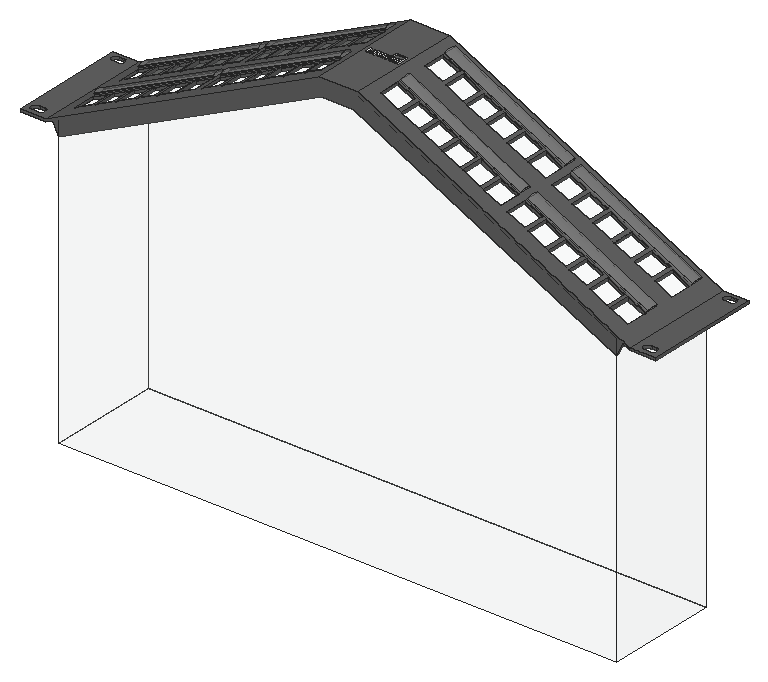
Revit family "Data_Device-Network-Leviton-Patch_Panel-Angled", category Data Devices, host Face, Revit 2024
Family settings
  Host = Face
  Round Connector Dimension = Use Diameter
  Part Type = Normal
  OmniClass Number = 23.85.50.17
  OmniClass Title = Communication and Data Processing Equipment
  Cut with Voids When Loaded = No
  Maintain Annotation Orientation = Yes
  Shared = Yes
  Room Calculation Point = No
Parameters (values of type "2RU, 48-Port, with Lens")
  z Void Offset = 0.00000"
  z Offset 2 = 0.50000"  # constant formula
  z Offset 1 = z Depth  # 0.05980"
  z 2RU with Screen = and(z Is Visible 2RU, not(Has ID Windows))  # no
  z 1RU with Screen = and(z Has 24 Ports, not(Has ID Windows))  # no
  z 1 Y Offset 5 = if(and(z Leviton Type = 222, Has ID Windows), 1.50000", 0.45000")  # 1.50000"
  z 2RU with Lens = z Leviton Type = 222  # yes
  z 1RU with Lens = z Leviton Type = 112  # no
  z Leviton Type = 222
  z Is Visible 2RU = or(z Leviton Type = 220, z Leviton Type = 221, z Leviton Type = 222)  # yes
  z Height = if(or(z Leviton Type = 220, z Leviton Type = 221, z Leviton Type = 222), 3.47500", 1.72500")  # 3.47500"
  z Has 48 Ports 1RU = z Leviton Type = 120  # no
  z Has 48 Ports = and(or(z Leviton Type = 220, z Leviton Type = 221, z Leviton Type = 222))  # yes
  z Has 24 Ports = and(or(z Leviton Type = 110, z Leviton Type = 111, z Leviton Type = 112))  # no
  z Depth = 0.05980"  # constant formula
  z 1 Y Offset 4 = if(or(z Leviton Type = 110, z Leviton Type = 111, z Leviton Type = 112), 0.16000", 18.00000")  # 18.00000"
  z 1 Y Offset 3 = if(or(z Leviton Type = 110, z Leviton Type = 111, z Leviton Type = 112), 18.00000", if(z Leviton Type = 120, 1.01910", if(or(z Leviton Type = 220, z Leviton Type = 221, z Leviton Type = 222), 2.30700", 0.00000")))  # 2.30700"
  z 1 Y Offset 2 = if(or(z Leviton Type = 110, z Leviton Type = 111, z Leviton Type = 112), 18.00000", if(z Leviton Type = 120, 1.01910", if(or(z Leviton Type = 220, z Leviton Type = 221, z Leviton Type = 222), 2.30700", 0.00000")))  # 2.30700"
  z 1 Y Offset 1 = if(or(z Leviton Type = 110, z Leviton Type = 111, z Leviton Type = 112), 0.60000", if(z Leviton Type = 120, 0.20590", if(or(z Leviton Type = 220, z Leviton Type = 221, z Leviton Type = 222), 0.63900", 0.00000")))  # 0.63900"
  Width [instance] = 19.00000"  # constant formula
  Weight [instance] = 0.00 lbf
  URL = "http://www.leviton.com/networksolutions"
  UPC Code [instance] = ""
  Type Comments = " "
  Technical Support Phone Number = "1-800-824-3005"  # constant formula
  Shielded = or(z Leviton Type = 111, z Leviton Type = 221)  # no
  Serial Number [instance] = ""
  Rack Spaces RU = 2
  Product Documentation Link = "Leviton_49256-Hxx_49256-Dxx_49256-Lxx_Angled_QuickPort_Patch_Panels.pdf"
  Port Count [instance] = 0
  Part Number [instance] = if(z Leviton Type = 110, "49256-H24", if(z Leviton Type = 112, "49256-L24", if(z Leviton Type = 220, "49256-H48", if(z Leviton Type = 222, "49256-L48", if(z Leviton Type = 120, "49256-D48", if(z Leviton Type = 111, "4S256-S24", if(z Leviton Type = 221, "4S256-S48", "ERROR")))))))  # "49256-L48"
  Part Description = Description  # "Angled QuickPort Patch Panel, 48-port, 2RU, with Mangnifying Lens"
  Original Creation Date = "July 25, 2014"  # constant formula
  Model Disclaimer = "http://www.leviton.com/BIMterms"
  Model = " "
  Manufacturer = "Leviton"  # constant formula
  Height [instance] = 4.53000"  # constant formula
  Has ID Windows = yes
  Family Version = "1.0.2"  # constant formula
  Equipment Type = ""
  Equipment Abbreviation = "QPPA"  # constant formula
  Die Cast = 0 = 1  # no
  Description = "Angled QuickPort Patch Panel, 48-port, 2RU, with Mangnifying Lens"
  Default Elevation = 24.00000"
  Date Last Modified = "September 06, 2023"  # constant formula
  Copyright = "Copyright © 2014-2015 Leviton Manufacturing Co., Inc."  # constant formula
  Channel Count [instance] = 0
  Cable Clearance is Visible [instance] = yes
  Cable Clearance [instance] = 8.50000"
  Assembly Code = "D5030600"
  Annotation Symbol is Visible = yes
  Annotation Symbol [instance] = Symbol : Data
Reference planes (in)
  plane 1 "Center (Front/Back)": y = -0.5525
  plane 2 "Mounting Surface": z = 0
  plane 3 "Center (Left/Right)": x = -0.9065
  plane 4 "Left": x = -10.4065
  plane 5 "Right": x = 8.5935
  plane 6 "Top": y = 1.185
  plane 7 "Recess": z = -0.0902
  plane 8 "Void Collector": z = -2
  plane 9 "Bottom": y = -2.29
  plane 10: y = -2.177
  plane 11: y = 0.822
  plane 12: y = 0.546
  plane 13: y = -0.124
  plane 14: y = -1.792
  plane 15: y = -1.122
  plane 16: x = -9.6565
  plane 17: x = 7.8435
  plane 18: x = -9.7183
  plane 19: x = 7.9053
  plane 20: x = -10.0615
  plane 21: x = 8.2485
  plane 22: z = -8.5
  plane 23: z = -0.5
  plane 24: z = 0.2
  plane 25: y = -2.04592
  plane 26: y = 1.072
  plane 27: y = -1.91484
  plane 28: y = 0.947
  plane 29 "Connector Host": z = 0.0598
  plane 30 "Front": z = 4.05292
  plane 31 "Upper Interior": y = 1.1103
  plane 32: through (-1.48999, -180, 4.05292) normal (0.4384, 0, -0.8988)
  plane 33: through (7.8335, -180, 0.0747) normal (-0.4384, 0, -0.8988)
  plane 34: through (-1.48999, -180, 4.05292) normal (0.4384, 0, -0.8988)
  plane 35 "Left Bank": through (-1.48999, -180, 4.05292) normal (0.4384, 0, -0.8988)
  plane 36 "Right Bank": through (7.8335, -180, 0.0747) normal (-0.4384, 0, -0.8988)
  plane 37: y = -1.122
  plane 38: y = -1.792
  plane 39: y = -1.062
  plane 40: y = -0.184
  plane 41: y = -16.815
  plane 42: y = -17.195
  plane 43: y = -2.23
  plane 44: y = 0.546
  plane 45: y = -0.124
Forms (in)
  Extrusion 1, solid, not visible, detail levels fine
    sketch origin (0, 0, 0) x (1, 0, 0) y (0, 1, 0)
      loop
        line (-10.4065, 1.5725) -> (-10.4065, -2.77319) -> (8.5935, -2.77319) -> (8.5935, 1.5725) -> (-10.4065, 1.5725)
    from 0 to -2
  Extrusion 2, void, detail levels medium+fine
    sketch origin (-18.83166, -182.13202, 0) x (0, -1, 0) y (-1, 0, 0)
      loop
        arc (-180.21718, -8.84416) -> (-180.0861, -8.97524) -> (-179.95502, -8.84416) r 0.13108
        line (-179.95502, -8.84416) -> (-179.95502, -8.69416)
        arc (-179.95502, -8.69416) -> (-180.0861, -8.56308) -> (-180.21718, -8.69416) r 0.13108
        line (-180.21718, -8.69416) -> (-180.21718, -8.84416)
      loop
        line (-180.21718, -27.00616) -> (-180.21718, -27.15616)
        arc (-180.21718, -27.15616) -> (-180.0861, -27.28724) -> (-179.95502, -27.15616) r 0.13108
        line (-179.95502, -27.15616) -> (-179.95502, -27.00616)
        arc (-179.95502, -27.00616) -> (-180.0861, -26.87508) -> (-180.21718, -27.00616) r 0.13108
      loop
        line (-180.34002, -10.18194) -> (-180.34002, -9.65794) -> (-181.01002, -9.65794) -> (-181.01002, -10.18194) -> (-180.34002, -10.18194)
      loop
        line (-180.34002, -10.79761) -> (-180.34002, -10.27361) -> (-181.01002, -10.27361) -> (-181.01002, -10.79761) -> (-180.34002, -10.79761)
      loop
        line (-180.34002, -11.41328) -> (-180.34002, -10.88929) -> (-181.01002, -10.88929) -> (-181.01002, -11.41328) -> (-180.34002, -11.41328)
      loop
        line (-180.34002, -12.02896) -> (-180.34002, -11.50496) -> (-181.01002, -11.50496) -> (-181.01002, -12.02896) -> (-180.34002, -12.02896)
      loop
        line (-180.34002, -12.64463) -> (-180.34002, -12.12063) -> (-181.01002, -12.12063) -> (-181.01002, -12.64463) -> (-180.34002, -12.64463)
      loop
        line (-180.34002, -13.26031) -> (-180.34002, -12.73631) -> (-181.01002, -12.73631) -> (-181.01002, -13.26031) -> (-180.34002, -13.26031)
      loop
        line (-180.34002, -13.97485) -> (-180.34002, -13.45085) -> (-181.01002, -13.45085) -> (-181.01002, -13.97485) -> (-180.34002, -13.97485)
      loop
        line (-180.34002, -14.59052) -> (-180.34002, -14.06652) -> (-181.01002, -14.06652) -> (-181.01002, -14.59052) -> (-180.34002, -14.59052)
      loop
        line (-180.34002, -15.20619) -> (-180.34002, -14.6822) -> (-181.01002, -14.6822) -> (-181.01002, -15.20619) -> (-180.34002, -15.20619)
      loop
        line (-180.34002, -15.82187) -> (-180.34002, -15.29787) -> (-181.01002, -15.29787) -> (-181.01002, -15.82187) -> (-180.34002, -15.82187)
      loop
        line (-180.34002, -16.43754) -> (-180.34002, -15.91355) -> (-181.01002, -15.91355) -> (-181.01002, -16.43754) -> (-180.34002, -16.43754)
      loop
        line (-180.34002, -17.05322) -> (-180.34002, -16.52922) -> (-181.01002, -16.52922) -> (-181.01002, -17.05322) -> (-180.34002, -17.05322)
      loop
        line (-180.34002, -19.3211) -> (-180.34002, -18.7971) -> (-181.01002, -18.7971) -> (-181.01002, -19.3211) -> (-180.34002, -19.3211)
      loop
        line (-180.34002, -19.93677) -> (-180.34002, -19.41278) -> (-181.01002, -19.41278) -> (-181.01002, -19.93677) -> (-180.34002, -19.93677)
      loop
        line (-180.34002, -20.55245) -> (-180.34002, -20.02845) -> (-181.01002, -20.02845) -> (-181.01002, -20.55245) -> (-180.34002, -20.55245)
      loop
        line (-180.34002, -21.16812) -> (-180.34002, -20.64412) -> (-181.01002, -20.64412) -> (-181.01002, -21.16812) -> (-180.34002, -21.16812)
      loop
        line (-180.34002, -21.7838) -> (-180.34002, -21.2598) -> (-181.01002, -21.2598) -> (-181.01002, -21.7838) -> (-180.34002, -21.7838)
      loop
        line (-180.34002, -22.39947) -> (-180.34002, -21.87547) -> (-181.01002, -21.87547) -> (-181.01002, -22.39947) -> (-180.34002, -22.39947)
      loop
        line (-180.34002, -23.11401) -> (-180.34002, -22.59001) -> (-181.01002, -22.59001) -> (-181.01002, -23.11401) -> (-180.34002, -23.11401)
      loop
        line (-180.34002, -23.72968) -> (-180.34002, -23.20569) -> (-181.01002, -23.20569) -> (-181.01002, -23.72968) -> (-180.34002, -23.72968)
      loop
        line (-180.34002, -24.34536) -> (-180.34002, -23.82136) -> (-181.01002, -23.82136) -> (-181.01002, -24.34536) -> (-180.34002, -24.34536)
      loop
        line (-180.34002, -24.96103) -> (-180.34002, -24.43704) -> (-181.01002, -24.43704) -> (-181.01002, -24.96103) -> (-180.34002, -24.96103)
      loop
        line (-180.34002, -25.57671) -> (-180.34002, -25.05271) -> (-181.01002, -25.05271) -> (-181.01002, -25.57671) -> (-180.34002, -25.57671)
      loop
        line (-180.34002, -26.19238) -> (-180.34002, -25.66838) -> (-181.01002, -25.66838) -> (-181.01002, -26.19238) -> (-180.34002, -26.19238)
    from 0.0902 to -5.3247
  Extrusion 3, void, detail levels medium+fine
    sketch origin (-18.83166, -181.20301, 0) x (0, -1, 0) y (-1, 0, 0)
      loop
        arc (-182.27501, -8.84416) -> (-182.15001, -8.96916) -> (-182.02501, -8.84416) r 0.125
        line (-182.02501, -8.84416) -> (-182.02501, -8.69416)
        arc (-182.02501, -8.69416) -> (-182.15001, -8.56916) -> (-182.27501, -8.69416) r 0.125
        line (-182.27501, -8.69416) -> (-182.27501, -8.84416)
      loop
        line (-182.27501, -27.00616) -> (-182.27501, -27.15616)
        arc (-182.27501, -27.15616) -> (-182.15001, -27.28116) -> (-182.02501, -27.15616) r 0.125
        line (-182.02501, -27.15616) -> (-182.02501, -27.00616)
        arc (-182.02501, -27.00616) -> (-182.15001, -26.88116) -> (-182.27501, -27.00616) r 0.125
      loop
        line (-181.74901, -10.18194) -> (-181.07901, -10.18194) -> (-181.07901, -9.65794) -> (-181.74901, -9.65794) -> (-181.74901, -10.18194)
      loop
        line (-181.74901, -10.79761) -> (-181.07901, -10.79761) -> (-181.07901, -10.27361) -> (-181.74901, -10.27361) -> (-181.74901, -10.79761)
      loop
        line (-181.74901, -11.41328) -> (-181.07901, -11.41328) -> (-181.07901, -10.88929) -> (-181.74901, -10.88929) -> (-181.74901, -11.41328)
      loop
        line (-181.74901, -12.02896) -> (-181.07901, -12.02896) -> (-181.07901, -11.50496) -> (-181.74901, -11.50496) -> (-181.74901, -12.02896)
      loop
        line (-181.74901, -12.64463) -> (-181.07901, -12.64463) -> (-181.07901, -12.12063) -> (-181.74901, -12.12063) -> (-181.74901, -12.64463)
      loop
        line (-181.74901, -13.26031) -> (-181.07901, -13.26031) -> (-181.07901, -12.73631) -> (-181.74901, -12.73631) -> (-181.74901, -13.26031)
      loop
        line (-181.74901, -13.97485) -> (-181.07901, -13.97485) -> (-181.07901, -13.45085) -> (-181.74901, -13.45085) -> (-181.74901, -13.97485)
      loop
        line (-181.74901, -14.59052) -> (-181.07901, -14.59052) -> (-181.07901, -14.06652) -> (-181.74901, -14.06652) -> (-181.74901, -14.59052)
      loop
        line (-181.74901, -15.20619) -> (-181.07901, -15.20619) -> (-181.07901, -14.6822) -> (-181.74901, -14.6822) -> (-181.74901, -15.20619)
      loop
        line (-181.74901, -15.82187) -> (-181.07901, -15.82187) -> (-181.07901, -15.29787) -> (-181.74901, -15.29787) -> (-181.74901, -15.82187)
      loop
        line (-181.74901, -16.43754) -> (-181.07901, -16.43754) -> (-181.07901, -15.91355) -> (-181.74901, -15.91355) -> (-181.74901, -16.43754)
      loop
        line (-181.74901, -17.05322) -> (-181.07901, -17.05322) -> (-181.07901, -16.52922) -> (-181.74901, -16.52922) -> (-181.74901, -17.05322)
      loop
        line (-181.74901, -19.3211) -> (-181.07901, -19.3211) -> (-181.07901, -18.7971) -> (-181.74901, -18.7971) -> (-181.74901, -19.3211)
      loop
        line (-181.74901, -19.93677) -> (-181.07901, -19.93677) -> (-181.07901, -19.41278) -> (-181.74901, -19.41278) -> (-181.74901, -19.93677)
      loop
        line (-181.74901, -20.55245) -> (-181.07901, -20.55245) -> (-181.07901, -20.02845) -> (-181.74901, -20.02845) -> (-181.74901, -20.55245)
      loop
        line (-181.74901, -21.16812) -> (-181.07901, -21.16812) -> (-181.07901, -20.64412) -> (-181.74901, -20.64412) -> (-181.74901, -21.16812)
      loop
        line (-181.74901, -21.7838) -> (-181.07901, -21.7838) -> (-181.07901, -21.2598) -> (-181.74901, -21.2598) -> (-181.74901, -21.7838)
      loop
        line (-181.74901, -22.39947) -> (-181.07901, -22.39947) -> (-181.07901, -21.87547) -> (-181.74901, -21.87547) -> (-181.74901, -22.39947)
      loop
        line (-181.74901, -23.11401) -> (-181.07901, -23.11401) -> (-181.07901, -22.59001) -> (-181.74901, -22.59001) -> (-181.74901, -23.11401)
      loop
        line (-181.74901, -23.72968) -> (-181.07901, -23.72968) -> (-181.07901, -23.20569) -> (-181.74901, -23.20569) -> (-181.74901, -23.72968)
      loop
        line (-181.74901, -24.34536) -> (-181.07901, -24.34536) -> (-181.07901, -23.82136) -> (-181.74901, -23.82136) -> (-181.74901, -24.34536)
      loop
        line (-181.74901, -24.96103) -> (-181.07901, -24.96103) -> (-181.07901, -24.43704) -> (-181.74901, -24.43704) -> (-181.74901, -24.96103)
      loop
        line (-181.74901, -25.57671) -> (-181.07901, -25.57671) -> (-181.07901, -25.05271) -> (-181.74901, -25.05271) -> (-181.74901, -25.57671)
      loop
        line (-181.74901, -26.19238) -> (-181.07901, -26.19238) -> (-181.07901, -25.66838) -> (-181.74901, -25.66838) -> (-181.74901, -26.19238)
    from 0.0902 to -4.25
  Extrusion 4, solid, material "Steel - Leviton - Powdercoat - Black"
    sketch origin (0, -2.29, 0) x (-1, 0, 0) y (0, 0, 1)
      loop
        line (9.6465, 0.0747) -> (1.48999, 4.05292) -> (0.32301, 4.05292) -> (-7.8335, 0.0747) -> (-8.5935, 0.0747) -> (-8.5935, 0) -> (-7.81625, 0) -> (-7.62099, 0.09523) -> (-7.43456, -0.28702) -> (0.43849, 3.55292) -> (1.37451, 3.55292) -> (9.24756, -0.28702) -> (9.43399, 0.09523) -> (9.62925, 0) -> (10.4065, 0) -> (10.4065, 0.0747) -> (9.6465, 0.0747)
    from 3.475 to 0
  Extrusion 5, void
    sketch origin (0, -0.4653, 0) x (-1, 0, 0) y (0, 0, 1)
      loop
        line (1.46321, 3.98287) -> (0.34979, 3.98287) -> (-7.62099, 0.09523) -> (-7.40825, -0.34095) -> (0.45235, 3.49292) -> (1.36066, 3.49292) -> (9.22125, -0.34095) -> (9.43399, 0.09523) -> (1.46321, 3.98287)
    from 1.5756 to -1.7647
  Extrusion 6, solid, material "Snap Locations - Leviton - Invisible"
    sketch origin (0, 0.0165, 0) x (-1, 0, 0) y (0, 0, 1)
      loop
        line (9.17372, 0.30529) -> (5.57135, 2.06229) -> (5.53861, 1.99515) -> (9.14097, 0.23815) -> (9.17372, 0.30529)
      loop
        line (5.38081, 2.15523) -> (1.77844, 3.91223) -> (1.7457, 3.84509) -> (5.34806, 2.08809) -> (5.38081, 2.15523)
      loop
        line (-7.36072, 0.30529) -> (-7.32797, 0.23815) -> (-3.72561, 1.99515) -> (-3.75835, 2.06229) -> (-7.36072, 0.30529)
      loop
        line (-3.56781, 2.15523) -> (-3.53506, 2.08809) -> (0.0673, 3.84509) -> (0.03456, 3.91223) -> (-3.56781, 2.15523)
    from -0.1405 to 0.5295
  Extrusion 7, solid, material "Snap Locations - Leviton - Invisible", visible <- "z Is Visible 2RU"
    sketch origin (0, -1.6415, 0) x (-1, 0, 0) y (0, 0, 1)
      loop
        line (9.17372, 0.30529) -> (5.57135, 2.06229) -> (5.53861, 1.99515) -> (9.14097, 0.23815) -> (9.17372, 0.30529)
      loop
        line (5.38081, 2.15523) -> (1.77844, 3.91223) -> (1.7457, 3.84509) -> (5.34806, 2.08809) -> (5.38081, 2.15523)
      loop
        line (-7.36072, 0.30529) -> (-7.32797, 0.23815) -> (-3.72561, 1.99515) -> (-3.75835, 2.06229) -> (-7.36072, 0.30529)
      loop
        line (-3.56781, 2.15523) -> (-3.53506, 2.08809) -> (0.0673, 3.84509) -> (0.03456, 3.91223) -> (-3.56781, 2.15523)
    from 0.5195 to -0.1505
  Extrusion 8, solid, material "Clearance Areas - Leviton", visible <- "Cable Clearance is Visible"
    sketch origin (0, -0.4653, 0) x (-1, 0, 0) y (0, 0, 1)
      loop
        line (9.2665, -8.5) -> (9.2665, 0.17693) -> (1.45903, 3.98487) -> (0.35397, 3.98487) -> (-7.4535, 0.17693) -> (-7.4535, -8.5) -> (9.2665, -8.5)
    from 1.5373 to -1.8247
  Extrusion 9, solid, material "Snap Locations - Leviton - Invisible", visible <- "z Is Visible 2RU"
    sketch origin (0, -0.6797, 0) x (-1, 0, 0) y (0, 0, 1)
      loop
        line (9.17372, 0.30529) -> (5.57135, 2.06229) -> (5.53861, 1.99515) -> (9.14097, 0.23815) -> (9.17372, 0.30529)
      loop
        line (5.38081, 2.15523) -> (1.77844, 3.91223) -> (1.7457, 3.84509) -> (5.34806, 2.08809) -> (5.38081, 2.15523)
      loop
        line (-7.36072, 0.30529) -> (-7.32797, 0.23815) -> (-3.72561, 1.99515) -> (-3.75835, 2.06229) -> (-7.36072, 0.30529)
      loop
        line (-3.56781, 2.15523) -> (-3.53506, 2.08809) -> (0.0673, 3.84509) -> (0.03456, 3.91223) -> (-3.56781, 2.15523)
    from -0.4423 to -1.1123
  Extrusion 10, solid, material "Plastic - Leviton - White", visible <- "z 2RU with Screen"
    sketch origin (0, -2.29, 0) x (-1, 0, 0) y (0, 0, 1)
      loop
        line (8.63657, 0.5339) -> (9.16057, 0.27833) -> (9.17591, 0.30978) -> (8.65192, 0.56536) -> (8.63657, 0.5339)
      loop
        line (8.0209, 0.83418) -> (8.5449, 0.57861) -> (8.56024, 0.61007) -> (8.03624, 0.86564) -> (8.0209, 0.83418)
      loop
        line (7.40522, 1.13447) -> (7.92922, 0.8789) -> (7.94456, 0.91036) -> (7.42057, 1.16593) -> (7.40522, 1.13447)
      loop
        line (6.78955, 1.43476) -> (7.31355, 1.17918) -> (7.32889, 1.21064) -> (6.80489, 1.46621) -> (6.78955, 1.43476)
      loop
        line (6.17388, 1.73504) -> (6.69787, 1.47947) -> (6.71322, 1.51093) -> (6.18922, 1.7665) -> (6.17388, 1.73504)
      loop
        line (5.5582, 2.03533) -> (6.0822, 1.77976) -> (6.09754, 1.81121) -> (5.57355, 2.06679) -> (5.5582, 2.03533)
      loop
        line (4.84366, 2.38384) -> (5.36766, 2.12826) -> (5.383, 2.15972) -> (4.859, 2.41529) -> (4.84366, 2.38384)
      loop
        line (4.22799, 2.68412) -> (4.75199, 2.42855) -> (4.76733, 2.46001) -> (4.24333, 2.71558) -> (4.22799, 2.68412)
      loop
        line (3.61231, 2.98441) -> (4.13631, 2.72884) -> (4.15165, 2.76029) -> (3.62766, 3.01587) -> (3.61231, 2.98441)
      loop
        line (2.99664, 3.28469) -> (3.52064, 3.02912) -> (3.53598, 3.06058) -> (3.01198, 3.31615) -> (2.99664, 3.28469)
      loop
        line (2.38097, 3.58498) -> (2.90496, 3.32941) -> (2.92031, 3.36087) -> (2.39631, 3.61644) -> (2.38097, 3.58498)
      loop
        line (1.76529, 3.88527) -> (2.28929, 3.62969) -> (2.30463, 3.66115) -> (1.78063, 3.91672) -> (1.76529, 3.88527)
      loop
        line (-6.82357, 0.5339) -> (-6.83892, 0.56536) -> (-7.36291, 0.30978) -> (-7.34757, 0.27833) -> (-6.82357, 0.5339)
      loop
        line (-6.2079, 0.83418) -> (-6.22324, 0.86564) -> (-6.74724, 0.61007) -> (-6.7319, 0.57861) -> (-6.2079, 0.83418)
      loop
        line (-5.59222, 1.13447) -> (-5.60757, 1.16593) -> (-6.13156, 0.91036) -> (-6.11622, 0.8789) -> (-5.59222, 1.13447)
      loop
        line (-4.97655, 1.43476) -> (-4.99189, 1.46621) -> (-5.51589, 1.21064) -> (-5.50055, 1.17918) -> (-4.97655, 1.43476)
      loop
        line (-4.36088, 1.73504) -> (-4.37622, 1.7665) -> (-4.90022, 1.51093) -> (-4.88487, 1.47947) -> (-4.36088, 1.73504)
      loop
        line (-3.7452, 2.03533) -> (-3.76055, 2.06679) -> (-4.28454, 1.81121) -> (-4.2692, 1.77976) -> (-3.7452, 2.03533)
      loop
        line (-3.03066, 2.38384) -> (-3.046, 2.41529) -> (-3.57, 2.15972) -> (-3.55466, 2.12826) -> (-3.03066, 2.38384)
      loop
        line (-2.41499, 2.68412) -> (-2.43033, 2.71558) -> (-2.95433, 2.46001) -> (-2.93898, 2.42855) -> (-2.41499, 2.68412)
      loop
        line (-1.79931, 2.98441) -> (-1.81466, 3.01587) -> (-2.33865, 2.76029) -> (-2.32331, 2.72884) -> (-1.79931, 2.98441)
      loop
        line (-1.18364, 3.28469) -> (-1.19898, 3.31615) -> (-1.72298, 3.06058) -> (-1.70764, 3.02912) -> (-1.18364, 3.28469)
      loop
        line (-0.56797, 3.58498) -> (-0.58331, 3.61644) -> (-1.10731, 3.36087) -> (-1.09196, 3.32941) -> (-0.56797, 3.58498)
      loop
        line (0.04771, 3.88527) -> (0.03237, 3.91672) -> (-0.49163, 3.66115) -> (-0.47629, 3.62969) -> (0.04771, 3.88527)
    from 2.106 to 1.228
  Extrusion 11, void
    sketch origin (0, 0, 4.05292) x (-1, 0, 0) y (0, -1, 0)
      loop
        line (9.3775, 0.5605) -> (9.3775, 0.6855) -> (-7.6225, 0.6855) -> (-7.6225, 0.5605) -> (9.3775, 0.5605)
    from 0 to -4.55292
  Extrusion 12, solid, material "Plastic - Leviton - White", visible <- "z 1RU with Screen"
    sketch origin (0, -4.5821, 0) x (-1, 0, 0) y (0, 0, 1)
      loop
        line (8.63657, 0.5339) -> (9.16057, 0.27833) -> (9.17591, 0.30978) -> (8.65192, 0.56536) -> (8.63657, 0.5339)
      loop
        line (8.0209, 0.83418) -> (8.5449, 0.57861) -> (8.56024, 0.61007) -> (8.03624, 0.86564) -> (8.0209, 0.83418)
      loop
        line (7.40522, 1.13447) -> (7.92922, 0.8789) -> (7.94456, 0.91036) -> (7.42057, 1.16593) -> (7.40522, 1.13447)
      loop
        line (6.78955, 1.43476) -> (7.31355, 1.17918) -> (7.32889, 1.21064) -> (6.80489, 1.46621) -> (6.78955, 1.43476)
      loop
        line (6.17388, 1.73504) -> (6.69787, 1.47947) -> (6.71322, 1.51093) -> (6.18922, 1.7665) -> (6.17388, 1.73504)
      loop
        line (5.5582, 2.03533) -> (6.0822, 1.77976) -> (6.09754, 1.81121) -> (5.57355, 2.06679) -> (5.5582, 2.03533)
      loop
        line (4.84366, 2.38384) -> (5.36766, 2.12826) -> (5.383, 2.15972) -> (4.859, 2.41529) -> (4.84366, 2.38384)
      loop
        line (4.22799, 2.68412) -> (4.75199, 2.42855) -> (4.76733, 2.46001) -> (4.24333, 2.71558) -> (4.22799, 2.68412)
      loop
        line (3.61231, 2.98441) -> (4.13631, 2.72884) -> (4.15165, 2.76029) -> (3.62766, 3.01587) -> (3.61231, 2.98441)
      loop
        line (2.99664, 3.28469) -> (3.52064, 3.02912) -> (3.53598, 3.06058) -> (3.01198, 3.31615) -> (2.99664, 3.28469)
      loop
        line (2.38097, 3.58498) -> (2.90496, 3.32941) -> (2.92031, 3.36087) -> (2.39631, 3.61644) -> (2.38097, 3.58498)
      loop
        line (1.76529, 3.88527) -> (2.28929, 3.62969) -> (2.30463, 3.66115) -> (1.78063, 3.91672) -> (1.76529, 3.88527)
      loop
        line (-6.82357, 0.5339) -> (-6.83892, 0.56536) -> (-7.36291, 0.30978) -> (-7.34757, 0.27833) -> (-6.82357, 0.5339)
      loop
        line (-6.2079, 0.83418) -> (-6.22324, 0.86564) -> (-6.74724, 0.61007) -> (-6.7319, 0.57861) -> (-6.2079, 0.83418)
      loop
        line (-5.59222, 1.13447) -> (-5.60757, 1.16593) -> (-6.13156, 0.91036) -> (-6.11622, 0.8789) -> (-5.59222, 1.13447)
      loop
        line (-4.97655, 1.43476) -> (-4.99189, 1.46621) -> (-5.51589, 1.21064) -> (-5.50055, 1.17918) -> (-4.97655, 1.43476)
      loop
        line (-4.36088, 1.73504) -> (-4.37622, 1.7665) -> (-4.90022, 1.51093) -> (-4.88487, 1.47947) -> (-4.36088, 1.73504)
      loop
        line (-3.7452, 2.03533) -> (-3.76055, 2.06679) -> (-4.28454, 1.81121) -> (-4.2692, 1.77976) -> (-3.7452, 2.03533)
      loop
        line (-3.03066, 2.38384) -> (-3.046, 2.41529) -> (-3.57, 2.15972) -> (-3.55466, 2.12826) -> (-3.03066, 2.38384)
      loop
        line (-2.41499, 2.68412) -> (-2.43033, 2.71558) -> (-2.95433, 2.46001) -> (-2.93898, 2.42855) -> (-2.41499, 2.68412)
      loop
        line (-1.79931, 2.98441) -> (-1.81466, 3.01587) -> (-2.33865, 2.76029) -> (-2.32331, 2.72884) -> (-1.79931, 2.98441)
      loop
        line (-1.18364, 3.28469) -> (-1.19898, 3.31615) -> (-1.72298, 3.06058) -> (-1.70764, 3.02912) -> (-1.18364, 3.28469)
      loop
        line (-0.56797, 3.58498) -> (-0.58331, 3.61644) -> (-1.10731, 3.36087) -> (-1.09196, 3.32941) -> (-0.56797, 3.58498)
      loop
        line (0.04771, 3.88527) -> (0.03237, 3.91672) -> (-0.49163, 3.66115) -> (-0.47629, 3.62969) -> (0.04771, 3.88527)
    from -12.2329 to -12.6129
  Sweep 13, solid, material "Plastic - Leviton - Clear", visible <- "z 1RU with Lens"
    path origin (0, -2.29, 0) x (-1, 0, 0) y (0, 0, 1)
      loop
        line (-7.36072, 0.30529) -> (0.32301, 4.05292) -> (1.48999, 4.05292) -> (9.17372, 0.30529)
    profile origin (-0.9065, -2.29, 4.05292) x (0, 0, -1) y (0, 1, 0)
      loop
        line (0, 1.565) -> (-0.05109, 1.565)
        arc (-0.05109, 1.565) -> (-0.10464, 1.375) -> (-0.05109, 1.185) r 0.3638
        line (-0.05109, 1.185) -> (0, 1.185) -> (0, 1.565)
  Extrusion 14, void
    sketch origin (0, -2.29, 0) x (-1, 0, 0) y (0, 0, 1)
      loop
        line (1.48999, 4.05292) -> (1.77844, 3.91223) -> (1.90995, 4.18187) -> (1.55925, 4.35292) -> (0.25375, 4.35292) -> (-0.09695, 4.18187) -> (0.03456, 3.91223) -> (0.32301, 4.05292) -> (1.48999, 4.05292)
      loop
        line (-3.75835, 2.06229) -> (-3.56781, 2.15523) -> (-3.7003, 2.42687) -> (-3.89085, 2.33394) -> (-3.75835, 2.06229)
      loop
        line (5.70287, 2.33193) -> (5.51232, 2.42487) -> (5.38081, 2.15523) -> (5.57135, 2.06229) -> (5.70287, 2.33193)
    from 3.475 to 0
  Sweep 15, solid, material "Plastic - Leviton - Clear", visible <- "z 2RU with Lens"
    path origin (0, -2.29, 0) x (-1, 0, 0) y (0, 0, 1)
      loop
        line (-7.36072, 0.30529) -> (0.32301, 4.05292) -> (1.48999, 4.05292) -> (9.17372, 0.30529)
    profile origin (-0.9065, -2.29, 4.05292) x (0, 0, -1) y (0, 1, 0)
      loop
        line (0, 1.608) -> (-0.05109, 1.608)
        arc (-0.05109, 1.608) -> (-0.10464, 1.418) -> (-0.05109, 1.228) r 0.3638
        line (-0.05109, 1.228) -> (0, 1.228) -> (0, 1.608)
      loop
        line (0, 3.276) -> (-0.05109, 3.276)
        arc (-0.05109, 3.276) -> (-0.10464, 3.086) -> (-0.05109, 2.896) r 0.3638
        line (-0.05109, 2.896) -> (0, 2.896) -> (0, 3.276)
Cuts and joins
  Extrusion 2, Extrusion 3, Extrusion 5 cuts Extrusion 4
  Extrusion 11 cuts Extrusion 10
  Extrusion 14 cuts Sweep 15
  Extrusion 14 cuts Sweep 13
Lines and regions (in)
  Masking region 1, detail levels coarse+medium
    outline origin (-10.4065, 0, 0) x (0, -1, 0) y (0, 0, 1)
      loop
        line (2.29, -0.5) -> (2.29, 0.3598) -> (-1.185, 0.3598) -> (-1.185, -0.5) -> (2.29, -0.5)
  Masking region 2
    outline origin (8.5935, 0, 0) x (0, -1, 0) y (0, 0, 1)
      loop
        line (2.29, 0.3598) -> (-1.185, 0.3598) -> (-1.185, -0.5) -> (2.29, -0.5) -> (2.29, 0.3598)
  Masking region 3
    outline origin (0, 1.185, 0) x (1, 0, 0) y (0, 0, 1)
      loop
        line (7.43456, -0.28702) -> (7.62099, 0.09523) -> (7.81625, 0) -> (8.5935, 0) -> (8.5935, 0.0747) -> (7.8335, 0.0747) -> (-0.32301, 4.05292) -> (-1.48999, 4.05292) -> (-9.6465, 0.0747) -> (-10.4065, 0.0747) -> (-10.4065, 0) -> (-9.62925, 0) -> (-9.43399, 0.09523) -> (-9.24756, -0.28702) -> (-1.37451, 3.55292) -> (-0.43849, 3.55292) -> (7.43456, -0.28702)
  Masking region 4
    outline origin (0, -2.29, 0) x (-1, 0, 0) y (0, 0, 1)
      loop
        line (9.24756, -0.28702) -> (9.43399, 0.09523) -> (9.62925, 0) -> (10.4065, 0) -> (10.4065, 0.0747) -> (9.6465, 0.0747) -> (1.48999, 4.05292) -> (0.32301, 4.05292) -> (-7.8335, 0.0747) -> (-8.5935, 0.0747) -> (-8.5935, 0) -> (-7.81625, 0) -> (-7.62099, 0.09523) -> (-7.43456, -0.28702) -> (0.43849, 3.55292) -> (1.37451, 3.55292) -> (9.24756, -0.28702)
  symbolic lines
    curve 1: line (8.5935, -2.29, 0.3598) -> (8.5935, 1.185, 0.3598)
    curve 2: line (8.5935, -2.29, 0) -> (8.5935, -2.29, 0.3598)
    curve 3: line (8.5935, 1.185, 0) -> (8.5935, -2.29, 0)
    curve 4: line (8.5935, 1.185, 0.3598) -> (8.5935, 1.185, 0)
    curve 5: line (-10.4065, 1.185, 0) -> (-10.4065, -2.29, 0)
    curve 6: line (-10.4065, 1.185, -0.5) -> (-10.4065, 1.185, 0)
    curve 7: line (-10.4065, -2.29, -0.5) -> (-10.4065, 1.185, -0.5)
    curve 8: line (-10.4065, -2.29, 0) -> (-10.4065, -2.29, -0.5)
  reference lines
    curve 9: line (-8.91172, 0.9791, 0.43308) -> (-8.91172, -2.2571, 0.43308)
    curve 10: line (-7.68037, 0.9791, 1.03365) -> (-7.68037, -2.2571, 1.03365)
    curve 11: line (-7.0647, 0.9791, 1.33394) -> (-7.0647, -2.2571, 1.33394)
    curve 12: line (-5.83335, 0.9791, 1.93451) -> (-5.83335, -2.2571, 1.93451)
    curve 13: line (-5.11881, 0.9791, 2.28301) -> (-5.11881, -2.2571, 2.28301)
    curve 14: line (-4.50314, 0.9791, 2.5833) -> (-4.50314, -2.2571, 2.5833)
    curve 15: line (-3.88746, 0.9791, 2.88359) -> (-3.88746, -2.2571, 2.88359)
    curve 16: line (-3.27179, 0.9791, 3.18387) -> (-3.27179, -2.2571, 3.18387)
    curve 17: line (-2.65611, 0.9791, 3.48416) -> (-2.65611, -2.2571, 3.48416)
    curve 18: line (-2.04044, 0.9791, 3.78444) -> (-2.04044, -2.2571, 3.78444)
    curve 19: line (-8.29605, 0.9791, 0.73336) -> (-8.29605, -2.2571, 0.73336)
    curve 20: line (-6.44902, 0.9791, 1.63422) -> (-6.44902, -2.2571, 1.63422)
    curve 21: line (7.09872, 0.9791, 0.43308) -> (7.09872, -2.2571, 0.43308)
    curve 22: line (5.86737, 0.9791, 1.03365) -> (5.86737, -2.2571, 1.03365)
    curve 23: line (5.2517, 0.9791, 1.33394) -> (5.2517, -2.2571, 1.33394)
    curve 24: line (4.02035, 0.9791, 1.93451) -> (4.02035, -2.2571, 1.93451)
    curve 25: line (3.30581, 0.9791, 2.28301) -> (3.30581, -2.2571, 2.28301)
    curve 26: line (2.69014, 0.9791, 2.5833) -> (2.69014, -2.2571, 2.5833)
    curve 27: line (2.07446, 0.9791, 2.88359) -> (2.07446, -2.2571, 2.88359)
    curve 28: line (1.45879, 0.9791, 3.18387) -> (1.45879, -2.2571, 3.18387)
    curve 29: line (0.84311, 0.9791, 3.48416) -> (0.84311, -2.2571, 3.48416)
    curve 30: line (0.22744, 0.9791, 3.78444) -> (0.22744, -2.2571, 3.78444)
    curve 31: line (6.48305, 0.9791, 0.73336) -> (6.48305, -2.2571, 0.73336)
    curve 32: line (4.63602, 0.9791, 1.63422) -> (4.63602, -2.2571, 1.63422)
  symbolic lines, style "Patch Panels"
    curve 33: line (7.43456, 1.185, -0.28702) -> (-0.43849, 1.185, 3.55292)
    curve 34: line (-0.43849, 1.185, 3.55292) -> (-1.37451, 1.185, 3.55292)
    curve 35: line (-1.37451, 1.185, 3.55292) -> (-9.24756, 1.185, -0.28702)
    curve 36: line (-9.24756, 1.185, -0.28702) -> (-9.43399, 1.185, 0.09523)
    curve 37: line (-9.43399, 1.185, 0.09523) -> (-9.62925, 1.185, 0)
    curve 38: line (-9.62925, 1.185, 0) -> (-10.4065, 1.185, 0)
    curve 39: line (-10.4065, 1.185, 0) -> (-10.4065, 1.185, 0.0747)
    curve 40: line (-10.4065, 1.185, 0.0747) -> (-9.6465, 1.185, 0.0747)
    curve 41: line (-9.6465, 1.185, 0.0747) -> (-1.48999, 1.185, 4.05292)
    curve 42: line (-1.48999, 1.185, 4.05292) -> (-0.32301, 1.185, 4.05292)
    curve 43: line (-0.32301, 1.185, 4.05292) -> (7.8335, 1.185, 0.0747)
    curve 44: line (7.8335, 1.185, 0.0747) -> (8.5935, 1.185, 0.0747)
    curve 45: line (8.5935, 1.185, 0.0747) -> (8.5935, 1.185, 0)
    curve 46: line (8.5935, 1.185, 0) -> (7.81625, 1.185, 0)
    curve 47: line (7.81625, 1.185, 0) -> (7.62099, 1.185, 0.09523)
    curve 48: line (7.62099, 1.185, 0.09523) -> (7.43456, 1.185, -0.28702)
    curve 49: line (-9.24756, -2.29, -0.28702) -> (-1.37451, -2.29, 3.55292)
    curve 50: line (-1.37451, -2.29, 3.55292) -> (-0.43849, -2.29, 3.55292)
    curve 51: line (-0.43849, -2.29, 3.55292) -> (7.43456, -2.29, -0.28702)
    curve 52: line (7.43456, -2.29, -0.28702) -> (7.62099, -2.29, 0.09523)
    curve 53: line (7.62099, -2.29, 0.09523) -> (7.81625, -2.29, 0)
    curve 54: line (7.81625, -2.29, 0) -> (8.5935, -2.29, 0)
    curve 55: line (8.5935, -2.29, 0) -> (8.5935, -2.29, 0.0747)
    curve 56: line (8.5935, -2.29, 0.0747) -> (7.8335, -2.29, 0.0747)
    curve 57: line (7.8335, -2.29, 0.0747) -> (-0.32301, -2.29, 4.05292)
    curve 58: line (-0.32301, -2.29, 4.05292) -> (-1.48999, -2.29, 4.05292)
    curve 59: line (-1.48999, -2.29, 4.05292) -> (-9.6465, -2.29, 0.0747)
    curve 60: line (-9.6465, -2.29, 0.0747) -> (-10.4065, -2.29, 0.0747)
    curve 61: line (-10.4065, -2.29, 0.0747) -> (-10.4065, -2.29, 0)
    curve 62: line (-10.4065, -2.29, 0) -> (-9.62925, -2.29, 0)
    curve 63: line (-9.62925, -2.29, 0) -> (-9.43399, -2.29, 0.09523)
    curve 64: line (-9.43399, -2.29, 0.09523) -> (-9.24756, -2.29, -0.28702)
  reference lines, visible <- "z Has 24 Ports"
    curve 65: line (-1.77844, 1.125, 3.91223) -> (-9.17372, 1.125, 0.30529)
    curve 70: line (-0.03456, 1.125, 3.91223) -> (7.36072, 1.125, 0.30529)
  reference lines, visible <- "z Has 48 Ports 1RU"
    curve 66: line (-9.17372, 0.6441, 0.30529) -> (-1.77844, 0.6441, 3.91223)
    curve 67: line (-9.17372, -1.9191, 0.30529) -> (-1.77844, -1.9191, 3.91223)
    curve 72: line (7.36072, -1.9191, 0.30529) -> (-0.03456, -1.9191, 3.91223)
  reference lines, visible <- "z Has 48 Ports"
    curve 68: line (-9.17372, 0.211, 0.30529) -> (-1.77844, 0.211, 3.91223)
    curve 69: line (-9.17372, -1.457, 0.30529) -> (-1.77844, -1.457, 3.91223)
    curve 71: line (7.36072, 0.6441, 0.30529) -> (-0.03456, 0.6441, 3.91223)
    curve 73: line (7.36072, 0.211, 0.30529) -> (-0.03456, 0.211, 3.91223)
    curve 74: line (7.36072, -1.457, 0.30529) -> (-0.03456, -1.457, 3.91223)
Dimensions and locks (in)
  equal spacing: plane 4 "Left", plane 3 "Center (Left/Right)", plane 5 "Right"
  locked: level to plane 8 "Void Collector" at 2
  "z Height": plane 9 "Bottom" to plane 6 "Top"
  "Width": plane 4 "Left" to plane 5 "Right"
  Extrusion 2 sketch curve to Extrusion 2 sketch curve = 0.26216"
  locked: plane 11 to plane 6 "Top" at 0.363
  locked: plane 27 to plane 9 "Bottom" at 0.37516
  equal spacing: plane 9 "Bottom", plane 1 "Center (Front/Back)", plane 6 "Top"
  "z 1 Y Offset 1": plane 12 to plane 6 "Top"
  plane 12 to plane 13 = 0.67000"
  "z 1 Y Offset 2": plane 15 to plane 6 "Top"
  equal spacing: plane 17, plane 3 "Center (Left/Right)", plane 16
  locked: plane 17 to plane 16 at 17.5
  plane 2 "Mounting Surface" to plane 8 "Void Collector" = 2.00000"
  equal spacing: plane 19, plane 3 "Center (Left/Right)", plane 18
  locked: plane 19 to plane 18 at 17.6236
  equal spacing: plane 20, plane 3 "Center (Left/Right)", plane 21
  locked: plane 20 to plane 21 at 18.31
  "Cable Clearance": plane 2 "Mounting Surface" to plane 22
  locked: plane 24 to plane 2 "Mounting Surface" at 0.2
  locked: plane 26 to plane 11 at 0.25
  locked: plane 27 to plane 10 at 0.26216
  equal spacing: plane 27, plane 25, plane 10
  equal spacing: plane 26, plane 28, plane 11
  "z Offset 1": plane 29 "Connector Host" to plane 2 "Mounting Surface"
  "z Offset 2": plane 2 "Mounting Surface" to plane 23
  locked: plane 30 "Front" to plane 2 "Mounting Surface" at 4.05292
  plane 30 "Front" to Extrusion 5 sketch curve = 0.07005"
  cut or joined group of Extrusion 2, Extrusion 3, Extrusion 4, Extrusion 5 to Extrusion 6 sketch curve = 0.00000"
  Extrusion 6 sketch curve to Extrusion 6 sketch curve = 0.07470"
  Extrusion 7 sketch curve to Extrusion 7 sketch curve = 0.07470"
  locked: plane 37 to plane 38 at 0.67
  Extrusion 9 sketch curve to Extrusion 9 sketch curve = 0.07470"
  plane 15 to plane 14 = 0.67000"
  curve 65 to plane 6 "Top" = 0.06000"
  curve 67 to curve 66 to plane 6 "Top" = 2.56320", 0.54090" locked
  "z 1 Y Offset 3": plane 6 "Top" to plane 37
  locked: nested 2 to plane 1 "Center (Front/Back)" at 0.08308
  locked: plane 31 "Upper Interior" to plane 6 "Top" at 0.0747
  locked: plane 39 to plane 37 at 0.06
  locked: plane 39 to plane 40 at 0.878
  plane 40 to Extrusion 11 sketch curve to Extrusion 11 sketch curve = 0.37650" locked, 0.12500" locked
  locked: nested 1 to plane 1 "Center (Front/Back)" at 0.15
  locked: plane 41 to plane 42 at 0.38
  "z 1 Y Offset 4": plane 6 "Top" to plane 41
  locked: Extrusion 12 sketch curve to Extrusion 12 sketch curve at 0.035
  Extrusion 12 sketch curve to Extrusion 12 sketch curve = 0.03500"
  locked: plane 43 to plane 9 "Bottom" at 0.06
  "z 1 Y Offset 1": plane 44 to plane 6 "Top"
  locked: plane 45 to plane 44 at 0.67
  plane 37 to curve 74 = 0.33500"
  locked: curve 73 to plane 44 at 0.335
  "z 1 Y Offset 5": nested 4 to plane 6 "Top"
  "z 1 Y Offset 5": nested 6 to plane 6 "Top"
  locked: Sweep 15 sketch curve to plane 39 at 0.38
  locked: Sweep 15 sketch curve to plane 44 at 0.06
  locked: Sweep 15 sketch curve to Sweep 15 sketch curve at 0.38
  locked: plane 30 "Front" to Sweep 15 sketch curve at 0.25915
  aligned and locked: plane 2 "Mounting Surface" to Extrusion 1
  aligned and locked: Extrusion 1 to level
  aligned and locked: level to curve 3
  aligned and locked: plane 11 to Extrusion 3
  aligned and locked: Extrusion 3 to plane 11
  aligned and locked: plane 12 to Extrusion 3 sketch curve
  aligned and locked: plane 13 to Extrusion 3 sketch curve
  aligned and locked: Extrusion 2 to plane 7 "Recess"
  aligned and locked: Extrusion 3 to plane 7 "Recess"
  aligned and locked: plane 14 to Extrusion 2 sketch curve  (x5)
  aligned and locked: Extrusion 2 sketch curve to Extrusion 2 sketch curve  (x20)
  aligned and locked: plane 6 "Top" to curve 6
  aligned and locked: curve 4 to plane 6 "Top"
  aligned and locked: Masking region 2 to plane 6 "Top"
  aligned and locked: plane 9 "Bottom" to curve 8
  aligned and locked: curve 2 to plane 9 "Bottom"
  aligned and locked: Masking region 1 to plane 9 "Bottom"
  aligned and locked: Masking region 2 to plane 9 "Bottom"
  aligned and locked: Masking region 1 sketch curve to plane 23
  aligned and locked: Masking region 2 sketch curve to plane 23
  aligned and locked: Extrusion 4 to plane 6 "Top"
  aligned and locked: Extrusion 4 to plane 9 "Bottom"
  aligned and locked: plane 30 "Front" to Extrusion 4
  aligned and locked: Extrusion 3 sketch curve to plane 13  (x5)
  aligned and locked: Extrusion 5 to plane 31 "Upper Interior"
  aligned: Extrusion 5 to plane 10
  aligned and locked: plane 32 to cut or joined group of Extrusion 2, Extrusion 3, Extrusion 4, Extrusion 5
  aligned and locked: plane 33 to cut or joined group of Extrusion 2, Extrusion 3, Extrusion 4, Extrusion 5
  aligned: cut or joined group of Extrusion 2, Extrusion 3, Extrusion 4, Extrusion 5 to Extrusion 6  (x2)
  aligned and locked: cut or joined group of Extrusion 2, Extrusion 3, Extrusion 4, Extrusion 5 to Extrusion 6  (x2)
  aligned: cut or joined group of Extrusion 2, Extrusion 3, Extrusion 4, Extrusion 5 to Extrusion 7  (x2)
  aligned: Extrusion 7 to cut or joined group of Extrusion 2, Extrusion 3, Extrusion 4, Extrusion 5  (x5)
  aligned: Extrusion 7 to curve 9
  aligned and locked: Extrusion 2 sketch curve to plane 15
  aligned: Extrusion 7 to Extrusion 6
  aligned: plane 11 to Extrusion 8
  aligned: Extrusion 8 to plane 27
  aligned and locked: Extrusion 7 to cut or joined group of Extrusion 2, Extrusion 3, Extrusion 4, Extrusion 5  (x2)
  aligned: Extrusion 9 to cut or joined group of Extrusion 2, Extrusion 3, Extrusion 4, Extrusion 5  (x2)
  aligned and locked: Extrusion 6 to cut or joined group of Extrusion 2, Extrusion 3, Extrusion 4, Extrusion 5
  aligned and locked: plane 26 to Extrusion 8
  aligned: Extrusion 8 to cut or joined group of Extrusion 2, Extrusion 3, Extrusion 4, Extrusion 5
  aligned and locked: cut or joined group of Extrusion 2, Extrusion 3, Extrusion 4, Extrusion 5 to Extrusion 8
  aligned and locked: Extrusion 9 to Extrusion 7  (x2)
  aligned and locked: plane 3 "Center (Left/Right)" to nested 2
  aligned and locked: plane 39 to Extrusion 10
  aligned and locked: plane 40 to Extrusion 10
  aligned and locked: Extrusion 11 to plane 23
  aligned and locked: plane 41 to Extrusion 12
  aligned and locked: Extrusion 12 to plane 42
  aligned and locked: Extrusion 5 sketch curve to cut or joined group of Extrusion 2, Extrusion 3, Extrusion 4, Extrusion 5  (x2)
  aligned and locked: Extrusion 5 to plane 43
  aligned and locked: Extrusion 3 sketch curve to plane 11
  aligned and locked: Extrusion 3 sketch curve to plane 26
  aligned and locked: plane 11 to Extrusion 3 sketch curve
  aligned and locked: plane 26 to Extrusion 3 sketch curve
  aligned and locked: curve 68 to curve 73
  aligned and locked: nested 3 to plane 35 "Left Bank"
  aligned and locked: nested 4 to plane 35 "Left Bank"
  aligned and locked: Extrusion 2 sketch curve to plane 27
  aligned and locked: Extrusion 2 sketch curve to plane 10
  aligned and locked: nested 5 to plane 33
  aligned and locked: Sweep 13 sketch curve to plane 35 "Left Bank"
  aligned and locked: plane 36 "Right Bank" to Sweep 13 sketch curve
  aligned and locked: plane 30 "Front" to Sweep 13 sketch curve
  aligned and locked: Extrusion 9 to Sweep 13 sketch curve
  aligned and locked: Extrusion 14 sketch curve to plane 35 "Left Bank"
  aligned and locked: plane 30 "Front" to Extrusion 14 sketch curve
  aligned and locked: plane 36 "Right Bank" to Extrusion 14 sketch curve
  aligned and locked: Extrusion 14 sketch curve to Extrusion 9  (x3)
  aligned and locked: Extrusion 9 to Extrusion 14 sketch curve  (x3)
  aligned and locked: plane 39 to Sweep 15 sketch curve
  aligned and locked: Sweep 15 sketch curve to plane 30 "Front"
  aligned and locked: Extrusion 14 to plane 6 "Top"
  aligned and locked: Extrusion 14 to plane 9 "Bottom"
  aligned and locked: nested 3 to plane 25
  aligned and locked: nested 7 to plane 25
  aligned and locked: nested 8 to plane 25
  aligned and locked: nested 5 to plane 25
Automatic sketch dimensions
  Extrusion 1 sketch curve to Extrusion 1 sketch curve = 19.00000"
  Extrusion 1 sketch curve to Extrusion 1 sketch curve = 4.34569"
  plane 24 to curve 2 = 0.15980"
  curve 7 to plane 23 = 0.00000"
  curve 6 to level = 0.00000"
  plane 38 to curve 69 = 0.33500"
  curve 66 to plane 11 = 0.17790"
  curve 66 to curve 69 = 0.00000"
  curve 68 to curve 65 = 0.00000"
  curve 67 to plane 27 = 0.00426"
  plane 28 to curve 9 = 0.03210"
  curve 66 to curve 9 = 0.29150"
  plane 9 "Bottom" to curve 19 = 0.03290"
  curve 9 to curve 19 = 0.68500"
  plane 28 to curve 10 = 0.03210"
  curve 19 to curve 10 = 0.68500"
  plane 9 "Bottom" to curve 11 = 0.03290"
  curve 10 to curve 11 = 0.68500"
  plane 28 to curve 20 = 0.03210"
  curve 11 to curve 20 = 0.68500"
  plane 9 "Bottom" to curve 12 = 0.03290"
  curve 20 to curve 12 = 0.68500"
  plane 28 to curve 13 = 0.03210"
  curve 12 to curve 13 = 0.79500"
  plane 9 "Bottom" to curve 14 = 0.03290"
  curve 13 to curve 14 = 0.68500"
  plane 28 to curve 15 = 0.03210"
  curve 14 to curve 15 = 0.68500"
  plane 28 to curve 16 = 0.03210"
  curve 15 to curve 16 = 0.68500"
  plane 9 "Bottom" to curve 17 = 0.03290"
  curve 16 to curve 17 = 0.68500"
  plane 9 "Bottom" to curve 18 = 0.03290"
  curve 17 to curve 18 = 0.68500"
  curve 18 to curve 69 = 0.29150"
  curve 18 to curve 68 = 0.29150"
  curve 65 to curve 68 = 0.00000"
  plane 28 to curve 19 = 0.03210"
  plane 28 to curve 11 = 0.03210"
  plane 28 to curve 18 = 0.03210"
  plane 28 to curve 12 = 0.03210"
  plane 28 to curve 17 = 0.03210"
  plane 28 to curve 14 = 0.03210"
  plane 9 "Bottom" to curve 9 = 0.03290"
  plane 9 "Bottom" to curve 20 = 0.03290"
  plane 9 "Bottom" to curve 10 = 0.03290"
  plane 9 "Bottom" to curve 16 = 0.03290"
  plane 9 "Bottom" to curve 13 = 0.03290"
  plane 9 "Bottom" to curve 15 = 0.03290"
  Masking region 1 sketch curve to plane 6 "Top" = 0.00000"
  Masking region 1 sketch curve to plane 9 "Bottom" = 0.00000"
  plane 24 to Masking region 1 sketch curve = 0.15980"
  Masking region 2 sketch curve to plane 6 "Top" = 0.00000"
  Masking region 2 sketch curve to plane 9 "Bottom" = 0.00000"
  plane 24 to Masking region 2 sketch curve = 0.15980"
  Extrusion 2 sketch curve to plane 15 = 0.00000"  (x22)
  Extrusion 2 sketch curve to plane 14 = 0.00000"
  Extrusion 2 sketch curve to plane 27 = 0.00000"
  Extrusion 2 sketch curve to plane 20 = 0.07600"
  plane 20 to Extrusion 2 sketch curve = 0.07400"
  plane 16 to Extrusion 2 sketch curve = 0.48278"
  Extrusion 2 sketch curve to Extrusion 2 sketch curve = 0.52400"  (x23)
  Extrusion 2 sketch curve to Extrusion 2 sketch curve = 0.09168"  (x20)
  Extrusion 2 sketch curve to Extrusion 2 sketch curve = 0.19054"  (x2)
  plane 3 "Center (Left/Right)" to Extrusion 2 sketch curve = 0.87194"
  Extrusion 2 sketch curve to plane 17 = 0.48278"
  Extrusion 2 sketch curve to plane 21 = 0.07400"
  plane 21 to Extrusion 2 sketch curve = 0.07600"
  Extrusion 3 sketch curve to plane 12 = 0.00000"  (x23)
  Extrusion 3 sketch curve to plane 13 = 0.00000"  (x18)
  Extrusion 3 sketch curve to plane 20 = 0.07600"
  plane 20 to Extrusion 3 sketch curve = 0.07400"
  plane 16 to Extrusion 3 sketch curve = 0.48278"
  Extrusion 3 sketch curve to Extrusion 3 sketch curve = 0.52400"  (x23)
  Extrusion 3 sketch curve to Extrusion 3 sketch curve = 0.09168"  (x20)
  Extrusion 3 sketch curve to Extrusion 3 sketch curve = 0.19054"  (x2)
  plane 3 "Center (Left/Right)" to Extrusion 3 sketch curve = 0.87194"
  Extrusion 3 sketch curve to plane 17 = 0.48278"
  Extrusion 3 sketch curve to plane 21 = 0.07400"
  plane 21 to Extrusion 3 sketch curve = 0.07600"
  curve 39 to level = 0.00000"
  curve 40 to plane 32 = 0.00000"
  curve 42 to plane 30 "Front" = 0.00000"
  curve 42 to plane 32 = 0.00000"
  curve 42 to plane 33 = 0.00000"
  curve 47 to level = 0.00000"
  plane 33 to curve 43 = 0.00000"
  curve 36 to plane 7 "Recess" = 0.19682"
  plane 16 to curve 36 = 0.40894"
  plane 29 "Connector Host" to curve 37 = 0.03543"
  plane 16 to curve 37 = 0.22251"
  plane 16 to curve 37 = 0.02725"
  plane 16 to curve 41 = 0.01000"
  plane 4 "Left" to curve 38 = 0.00000"
  curve 35 to plane 3 "Center (Left/Right)" = 0.46801"
  plane 3 "Center (Left/Right)" to curve 33 = 0.46801"
  curve 33 to plane 7 "Recess" = 0.19682"
  curve 33 to plane 17 = 0.40894"
  plane 29 "Connector Host" to curve 48 = 0.03543"
  curve 48 to plane 17 = 0.22251"
  curve 47 to plane 17 = 0.02725"
  curve 43 to plane 17 = 0.01000"
  curve 45 to plane 5 "Right" = 0.00000"
  curve 34 to plane 30 "Front" = 0.50000"
  Extrusion 4 sketch curve to level = 0.00000"  (x2)
  Extrusion 4 sketch curve to plane 33 = 0.00000"
  Extrusion 4 sketch curve to plane 30 "Front" = 0.00000"
  plane 33 to Extrusion 4 sketch curve = 0.00000"
  Extrusion 4 sketch curve to plane 32 = 0.00000"  (x2)
  Extrusion 4 sketch curve to plane 7 "Recess" = 0.19682"  (x2)
  Extrusion 4 sketch curve to plane 17 = 0.40894"
  plane 29 "Connector Host" to Extrusion 4 sketch curve = 0.03543"  (x2)
  Extrusion 4 sketch curve to plane 17 = 0.22251"
  Extrusion 4 sketch curve to plane 17 = 0.02725"
  Extrusion 4 sketch curve to plane 17 = 0.01000"
  Extrusion 4 sketch curve to plane 5 "Right" = 0.00000"
  plane 3 "Center (Left/Right)" to Extrusion 4 sketch curve = 0.46801"
  Extrusion 4 sketch curve to plane 3 "Center (Left/Right)" = 0.46801"
  plane 16 to Extrusion 4 sketch curve = 0.40894"
  plane 16 to Extrusion 4 sketch curve = 0.22251"
  plane 16 to Extrusion 4 sketch curve = 0.02725"
  plane 16 to Extrusion 4 sketch curve = 0.01000"
  plane 4 "Left" to Extrusion 4 sketch curve = 0.00000"
  Extrusion 4 sketch curve to plane 30 "Front" = 0.50000"
  plane 33 to Extrusion 7 sketch curve = 0.00000"  (x4)
  Extrusion 7 sketch curve to plane 32 = 0.00000"  (x4)
  plane 24 to Extrusion 7 sketch curve = 0.03815"  (x2)
  plane 24 to Extrusion 7 sketch curve = 1.88809"
  plane 27 to curve 74 = 0.45784"
  curve 71 to plane 11 = 0.17790"
  curve 71 to curve 74 = 0.00000"
  curve 73 to curve 70 = 0.00000"
  curve 72 to plane 27 = 0.00426"
  plane 28 to curve 21 = 0.03210"
  curve 71 to curve 21 = 0.29150"
  plane 9 "Bottom" to curve 31 = 0.03290"
  curve 21 to curve 31 = 0.68500"
  plane 28 to curve 22 = 0.03210"
  curve 31 to curve 22 = 0.68500"
  plane 9 "Bottom" to curve 23 = 0.03290"
  curve 22 to curve 23 = 0.68500"
  plane 28 to curve 32 = 0.03210"
  curve 23 to curve 32 = 0.68500"
  plane 9 "Bottom" to curve 24 = 0.03290"
  curve 32 to curve 24 = 0.68500"
  plane 28 to curve 25 = 0.03210"
  curve 24 to curve 25 = 0.79500"
  plane 9 "Bottom" to curve 26 = 0.03290"
  curve 25 to curve 26 = 0.68500"
  plane 28 to curve 27 = 0.03210"
  curve 26 to curve 27 = 0.68500"
  plane 28 to curve 28 = 0.03210"
  curve 27 to curve 28 = 0.68500"
  plane 9 "Bottom" to curve 29 = 0.03290"
  curve 28 to curve 29 = 0.68500"
  plane 9 "Bottom" to curve 30 = 0.03290"
  curve 29 to curve 30 = 0.68500"
  curve 30 to curve 74 = 0.29150"
  curve 30 to curve 73 = 0.29150"
  curve 70 to curve 73 = 0.00000"
  plane 9 "Bottom" to curve 21 = 0.03290"
  plane 9 "Bottom" to curve 27 = 0.03290"
  plane 9 "Bottom" to curve 22 = 0.03290"
  plane 9 "Bottom" to curve 32 = 0.03290"
  plane 9 "Bottom" to curve 25 = 0.03290"
  plane 9 "Bottom" to curve 28 = 0.03290"
  plane 28 to curve 23 = 0.03210"
  plane 28 to curve 24 = 0.03210"
  plane 28 to curve 31 = 0.03210"
  plane 28 to curve 26 = 0.03210"
  plane 28 to curve 30 = 0.03210"
  plane 28 to curve 29 = 0.03210"
  Extrusion 8 sketch curve to plane 22 = 0.00000"
  Extrusion 8 sketch curve to plane 17 = 0.39000"
  Extrusion 8 sketch curve to plane 30 "Front" = 0.06805"
  plane 3 "Center (Left/Right)" to Extrusion 8 sketch curve = 0.55253"
  Extrusion 8 sketch curve to plane 3 "Center (Left/Right)" = 0.55253"
  plane 16 to Extrusion 8 sketch curve = 0.39000"
  Extrusion 8 sketch curve to plane 24 = 0.02307"  (x2)
  plane 33 to Extrusion 9 sketch curve = 0.00000"  (x4)
  Extrusion 9 sketch curve to plane 32 = 0.00000"  (x4)
  plane 24 to Extrusion 9 sketch curve = 0.03815"  (x2)
  plane 24 to Extrusion 9 sketch curve = 1.88809"
  Masking region 3 sketch curve to level = 0.00000"  (x2)
  Masking region 3 sketch curve to plane 32 = 0.00000"  (x2)
  Masking region 3 sketch curve to plane 30 "Front" = 0.00000"
  Masking region 3 sketch curve to plane 33 = 0.00000"
  plane 33 to Masking region 3 sketch curve = 0.00000"
  Masking region 3 sketch curve to plane 7 "Recess" = 0.19682"  (x2)
  plane 16 to Masking region 3 sketch curve = 0.40894"
  plane 29 "Connector Host" to Masking region 3 sketch curve = 0.03543"  (x2)
  plane 16 to Masking region 3 sketch curve = 0.22251"
  plane 16 to Masking region 3 sketch curve = 0.02725"
  plane 16 to Masking region 3 sketch curve = 0.01000"
  plane 4 "Left" to Masking region 3 sketch curve = 0.00000"
  Masking region 3 sketch curve to plane 3 "Center (Left/Right)" = 0.46801"
  plane 3 "Center (Left/Right)" to Masking region 3 sketch curve = 0.46801"
  Masking region 3 sketch curve to plane 17 = 0.40894"
  Masking region 3 sketch curve to plane 17 = 0.22251"
  Masking region 3 sketch curve to plane 17 = 0.02725"
  Masking region 3 sketch curve to plane 17 = 0.01000"
  Masking region 3 sketch curve to plane 5 "Right" = 0.00000"
  Masking region 3 sketch curve to plane 30 "Front" = 0.50000"
  Masking region 4 sketch curve to level = 0.00000"  (x2)
  Masking region 4 sketch curve to plane 33 = 0.00000"
  Masking region 4 sketch curve to plane 30 "Front" = 0.00000"
  plane 33 to Masking region 4 sketch curve = 0.00000"
  Masking region 4 sketch curve to plane 32 = 0.00000"  (x2)
  Masking region 4 sketch curve to plane 7 "Recess" = 0.19682"  (x2)
  Masking region 4 sketch curve to plane 17 = 0.40894"
  plane 29 "Connector Host" to Masking region 4 sketch curve = 0.03543"  (x2)
  Masking region 4 sketch curve to plane 17 = 0.22251"
  Masking region 4 sketch curve to plane 17 = 0.02725"
  Masking region 4 sketch curve to plane 17 = 0.01000"
  Masking region 4 sketch curve to plane 5 "Right" = 0.00000"
  plane 3 "Center (Left/Right)" to Masking region 4 sketch curve = 0.46801"
  Masking region 4 sketch curve to plane 3 "Center (Left/Right)" = 0.46801"
  plane 16 to Masking region 4 sketch curve = 0.40894"
  plane 16 to Masking region 4 sketch curve = 0.22251"
  plane 16 to Masking region 4 sketch curve = 0.02725"
  plane 16 to Masking region 4 sketch curve = 0.01000"
  plane 4 "Left" to Masking region 4 sketch curve = 0.00000"
  Masking region 4 sketch curve to plane 30 "Front" = 0.50000"
  plane 24 to Extrusion 9 sketch curve = 1.79515"  (x2)
  Extrusion 9 sketch curve to Extrusion 9 sketch curve = 0.19054"
  Extrusion 9 sketch curve to plane 30 "Front" = 0.20783"
  Extrusion 9 sketch curve to plane 30 "Front" = 0.14069"  (x2)
  Extrusion 9 sketch curve to Extrusion 9 sketch curve = 0.03275"  (x2)
  plane 24 to Extrusion 7 sketch curve = 1.79515"  (x2)
  Extrusion 7 sketch curve to Extrusion 7 sketch curve = 0.19054"
  Extrusion 7 sketch curve to plane 30 "Front" = 0.20783"
  Extrusion 7 sketch curve to plane 30 "Front" = 0.14069"  (x2)
  Extrusion 7 sketch curve to Extrusion 7 sketch curve = 0.03275"  (x2)
  plane 33 to Extrusion 6 sketch curve = 0.00000"  (x4)
  Extrusion 6 sketch curve to plane 32 = 0.00000"  (x4)
  plane 24 to Extrusion 6 sketch curve = 0.10529"
  plane 24 to Extrusion 6 sketch curve = 0.03815"  (x2)
  plane 24 to Extrusion 6 sketch curve = 1.86229"  (x3)
  plane 24 to Extrusion 6 sketch curve = 1.88809"  (x2)
  Extrusion 6 sketch curve to Extrusion 6 sketch curve = 0.03275"
  Extrusion 6 sketch curve to plane 30 "Front" = 0.14069"  (x3)
  Extrusion 6 sketch curve to plane 30 "Front" = 0.20783"  (x2)
  Extrusion 6 sketch curve to plane 3 "Center (Left/Right)" = 0.83920"
  Extrusion 6 sketch curve to Extrusion 6 sketch curve = 0.00000"
  plane 24 to Extrusion 6 sketch curve = 1.79515"  (x2)
  Extrusion 6 sketch curve to Extrusion 6 sketch curve = 0.19054"
  curve 65 to curve 69 = 0.00000"
  curve 69 to curve 66 = 0.00000"
  curve 74 to curve 71 = 0.00000"
  curve 70 to curve 74 = 0.00000"
  curve 72 to curve 73 = 0.00000"
  curve 73 to curve 72 = 0.00000"
  curve 67 to curve 68 = 0.00000"
  curve 68 to curve 67 = 0.00000"
  curve 55 to level = 0.00000"
  curve 56 to plane 33 = 0.00000"
  curve 58 to plane 30 "Front" = 0.00000"
  plane 33 to curve 58 = 0.00000"
  curve 58 to plane 32 = 0.00000"
  curve 63 to level = 0.00000"
  curve 59 to plane 32 = 0.00000"
